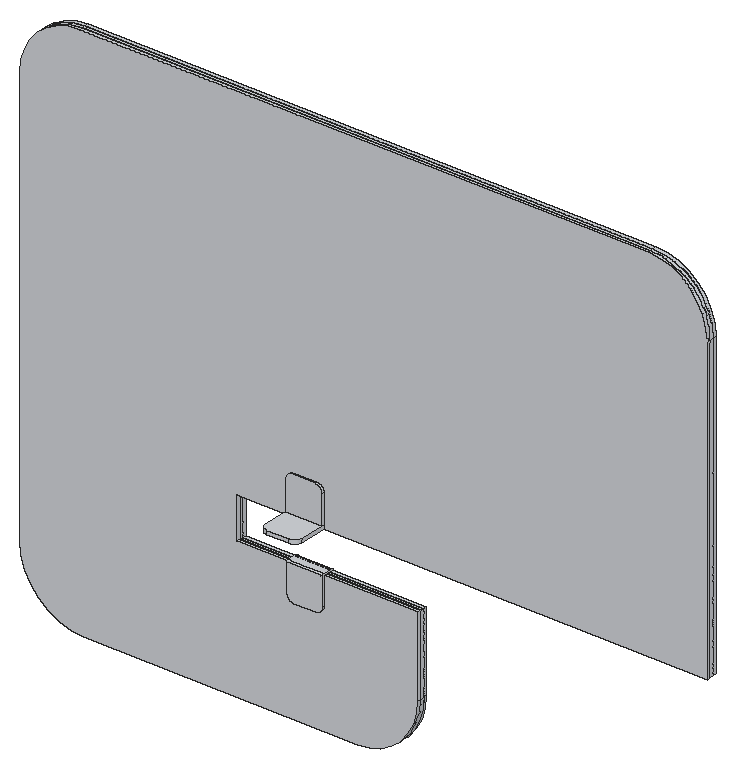
Revit family "BuzziTripl Desk Split", category Furniture, Revit 2018
Family settings
  OmniClass Number = 23.40.20.00
  OmniClass Title = General Furniture and Specialties
  Work Plane-Based = No
  Always vertical = Yes
  Cut with Voids When Loaded = No
  Shared = No
  Room Calculation Point = No
Parameters (values of type "BuzziTripl Split Rounded Corners")
  Outside Material = none
  Divider Type = Rounded Corners Split : Rounded Corners Split
  Core Material = none
  Bracket Material = none
Types (3): name | Divider Type
  (no name) | Rounded Corners Split : Rounded Corners Split
  BuzziTripl Split Wedge | Wedge Split : Wedge Split
  BuzziTripl Split Rounded Corners | Rounded Corners Split : Rounded Corners Split
Reference planes (in)
  plane 1 "Center Front/Back": y = 0
  plane 2: z = 0
  plane 3 "Center Left/Right": x = 0
Dimensions and locks (in)
  aligned and locked: level to plane 2
Nested families (in)
  nested 1: "Rounded Corners Split" at (0, 0, 0), type <- "Divider Type", type "Rounded Corners Split"
  nested 2: "Split Bracket" at (-3.15227, 0.268, 0), type "Split Bracket"
Definition of nested family "Rounded Corners Split"
  Parameters (values of type "Rounded Corners Split")
    Outside Layer = none
    Core Material = none
  Reference planes (in)
    plane 1 "Center (Front/Back)": y = 0
    plane 2: z = 0
    plane 3 "Center (Left/Right)": x = 0
    plane 4: x = -18.70079
    plane 5: x = 18.70079
  Forms (in)
    Extrusion 1, solid, material <- "Outside Layer"
      sketch origin (0, 0, 0) x (1, 0, 0) y (0, 0, 1)
        loop
          line (18.70079, 0) -> (18.70079, 16.43504)
          arc (18.70079, 16.43504) -> (17.74888, 18.73314) -> (15.45079, 19.68504) r 3.25
          line (15.45079, 19.68504) -> (-15.45079, 19.68504)
          arc (-15.45079, 19.68504) -> (-17.74888, 18.73314) -> (-18.70079, 16.43504) r 3.25
          line (-18.70079, 16.43504) -> (-18.70079, -6.34252)
          arc (-18.70079, -6.34252) -> (-17.67566, -8.81739) -> (-15.20079, -9.84252) r 3.5
          line (-15.20079, -9.84252) -> (-0.29724, -9.84252)
          arc (-0.29724, -9.84252) -> (2.00085, -8.89062) -> (2.95276, -6.59252) r 3.25
          line (2.95276, -6.59252) -> (2.95276, -2.24409) -> (-6.88976, -2.24409) -> (-6.88976, 0) -> (18.70079, 0)
      from -0.19029 to 0
    Extrusion 2, solid, material <- "Outside Layer"
      sketch origin (0, 0, 0) x (1, 0, 0) y (0, 0, 1)
        loop
          line (18.70079, 0) -> (18.70079, 16.43504)
          arc (18.70079, 16.43504) -> (17.74888, 18.73314) -> (15.45079, 19.68504) r 3.25
          line (15.45079, 19.68504) -> (-15.45079, 19.68504)
          arc (-15.45079, 19.68504) -> (-17.74888, 18.73314) -> (-18.70079, 16.43504) r 3.25
          line (-18.70079, 16.43504) -> (-18.70079, -6.34252)
          arc (-18.70079, -6.34252) -> (-17.67566, -8.81739) -> (-15.20079, -9.84252) r 3.5
          line (-15.20079, -9.84252) -> (-0.29724, -9.84252)
          arc (-0.29724, -9.84252) -> (2.00085, -8.89062) -> (2.95276, -6.59252) r 3.25
          line (2.95276, -6.59252) -> (2.95276, -2.24409) -> (-6.88976, -2.24409) -> (-6.88976, 0) -> (18.70079, 0)
      from -0.57087 to -0.38058
    Extrusion 3, solid, material <- "Core Material"
      sketch origin (0, 0, 0) x (1, 0, 0) y (0, 0, 1)
        loop
          line (18.70079, 0) -> (18.70079, 16.43504)
          arc (18.70079, 16.43504) -> (17.74888, 18.73314) -> (15.45079, 19.68504) r 3.25
          line (15.45079, 19.68504) -> (-15.45079, 19.68504)
          arc (-15.45079, 19.68504) -> (-17.74888, 18.73314) -> (-18.70079, 16.43504) r 3.25
          line (-18.70079, 16.43504) -> (-18.70079, -6.34252)
          arc (-18.70079, -6.34252) -> (-17.67566, -8.81739) -> (-15.20079, -9.84252) r 3.5
          line (-15.20079, -9.84252) -> (-0.29724, -9.84252)
          arc (-0.29724, -9.84252) -> (2.00085, -8.89062) -> (2.95276, -6.59252) r 3.25
          line (2.95276, -6.59252) -> (2.95276, -2.24409) -> (-6.88976, -2.24409) -> (-6.88976, 0) -> (18.70079, 0)
      from -0.38058 to -0.19029
  Dimensions and locks (in)
    aligned and locked: plane 2 to level
Definition of nested family "Split Bracket"
  Parameters (values of type "Split Bracket")
    Bracket = none
  Reference planes (in)
    plane 1 "Center (Front/Back)": y = 0
    plane 2: z = 0
    plane 3 "Center (Left/Right)": x = 0
  Forms (in)
    Extrusion 1, solid, material <- "Bracket"
      sketch origin (0, 0, 0) x (1, 0, 0) y (0, 0, 1)
        loop
          line (-0.98425, 0.19685) -> (0.98425, 0.19685) -> (0.98425, 1.76793)
          arc (0.98425, 1.76793) -> (0.86785, 2.04895) -> (0.58683, 2.16535) r 0.39742
          line (0.58683, 2.16535) -> (-0.59403, 2.16535)
          arc (-0.59403, 2.16535) -> (-0.86996, 2.05106) -> (-0.98425, 1.77513) r 0.39022
          line (-0.98425, 1.77513) -> (-0.98425, 0.19685)
      from 0.26936 to 0.37763
    Extrusion 2, solid, material <- "Bracket"
      sketch origin (0, 0, 0) x (1, 0, 0) y (0, 0, 1)
        loop
          line (-0.98425, 0.19685) -> (0.98425, 0.19685) -> (0.98425, 1.76793)
          arc (0.98425, 1.76793) -> (0.86785, 2.04895) -> (0.58683, 2.16535) r 0.39742
          line (0.58683, 2.16535) -> (-0.59403, 2.16535)
          arc (-0.59403, 2.16535) -> (-0.86996, 2.05106) -> (-0.98425, 1.77513) r 0.39022
          line (-0.98425, 1.77513) -> (-0.98425, 0.19685)
      from -0.40977 to -0.3015
    Extrusion 3, solid, material <- "Bracket"
      sketch origin (0, 0, 0) x (1, 0, 0) y (0, 1, 0)
        loop
          arc (-0.5877, 2.18142) -> (-0.8681, 2.06527) -> (-0.98425, 1.78487) r 0.39656
          line (-0.98425, 1.78487) -> (-0.98425, -1.75587)
          arc (-0.98425, -1.75587) -> (-0.86902, -2.03406) -> (-0.59084, -2.14929) r 0.39342
          line (-0.59084, -2.14929) -> (0.59445, -2.14929)
          arc (0.59445, -2.14929) -> (0.87008, -2.03512) -> (0.98425, -1.75949) r 0.3898
          line (0.98425, -1.75949) -> (0.98425, 1.78808)
          arc (0.98425, 1.78808) -> (0.86905, 2.06622) -> (0.59091, 2.18142) r 0.39334
          line (0.59091, 2.18142) -> (-0.5877, 2.18142)
      from 0 to 0.19685
    Extrusion 4, solid, material <- "Bracket"
      sketch origin (0, 0, 0) x (0, 1, 0) y (0, 0, 1)
        loop
          line (-0.25914, -4.15354) -> (-0.25914, -2.28332)
          arc (-0.25914, -2.28332) -> (-0.24765, -2.25558) -> (-0.21992, -2.24409) r 0.03923
          line (-0.21992, -2.24409) -> (0.25137, -2.24409)
          arc (0.25137, -2.24409) -> (0.27986, -2.25589) -> (0.29166, -2.28438) r 0.04029
          line (0.29166, -2.28438) -> (0.29166, -4.15354) -> (0.35416, -4.15354) -> (0.35416, -2.28696)
          arc (0.35416, -2.28696) -> (0.32586, -2.21864) -> (0.25753, -2.19034) r 0.09663
          line (0.25753, -2.19034) -> (-0.22739, -2.19034)
          arc (-0.22739, -2.19034) -> (-0.29187, -2.21705) -> (-0.31858, -2.28153) r 0.09119
          line (-0.31858, -2.28153) -> (-0.31858, -4.15354) -> (-0.25914, -4.15354)
      from -0.98425 to 0.98425
    Extrusion 5, void
      sketch origin (0, 0, 0) x (1, 0, 0) y (0, 0, 1)
        loop
          line (-0.98425, -2.19034) -> (-0.98425, -3.75197)
          arc (-0.98425, -3.75197) -> (-0.86663, -4.03592) -> (-0.58268, -4.15354) r 0.40158
          line (-0.58268, -4.15354) -> (0.58836, -4.15354)
          arc (0.58836, -4.15354) -> (0.8683, -4.03759) -> (0.98425, -3.75765) r 0.39589
          line (0.98425, -3.75765) -> (0.98425, -2.19034) -> (-0.98425, -2.19034)
        loop
          line (-1.09034, -2.01144) -> (-1.09034, -4.40856) -> (1.15966, -4.40856) -> (1.15966, -2.01144) -> (-1.09034, -2.01144)
      from -2.57609 to 2.55341
  Cuts and joins
    Extrusion 5 cuts Extrusion 4
  Dimensions and locks (in)
    aligned and locked: plane 2 to level
